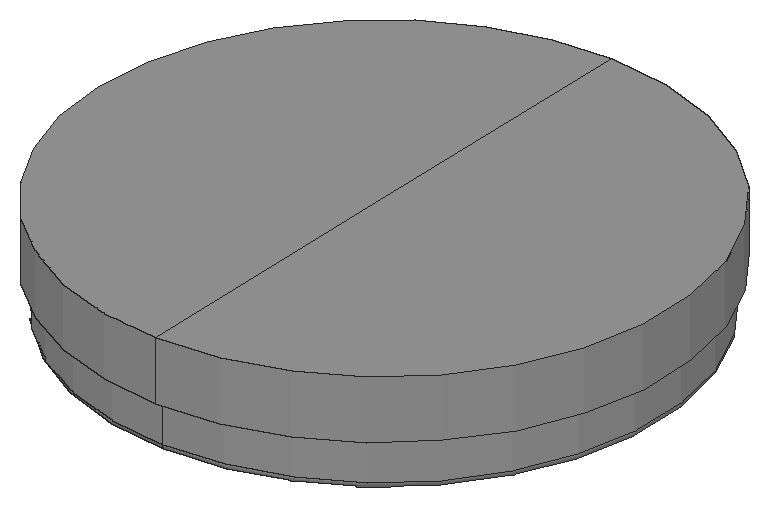
Revit family "IVLB_PML_LF_Dura 340mm CM_Plastic", category Lighting Fixtures, Revit 2019
Family settings
  Round Connector Dimension = Use Diameter
  Part Type = Normal
  OmniClass Number = 23.80.70.11.11
  OmniClass Title = General Luminaries, Non Directional
  Work Plane-Based = No
  Always vertical = Yes
  Cut with Voids When Loaded = No
  Light Source = Yes
  Shared = No
  Room Calculation Point = Yes
Parameters (values of type "Dura-M Ø340 IP64 IK10 8-18W 950-2300lm 3000K-3500K-4000K 3-CCT")
  Wattage Comments = "18W"
  Wattage = 15.4838 W
  built-in parameter 1150110 = 1 (stored number, unit not read)
  Voltage = 230 V
  URL = "https://www.pragmalux.com/"
  Type Comments = ""
  built-in parameter 1114217 = 1 (stored number, unit not read)
  Tilt Angle = 90.00°
  built-in parameter 1150109 = 1 (stored number, unit not read)
  built-in parameter 1150134 = 12
  Symbol_Waterproof [instance] = no
  Symbol_Emergency Lighting [instance] = no
  Switch Code [instance] = ""
  built-in parameter 1150113 = 1 (stored number, unit not read)
  Photometric Web File = "Dura-M Ø340 IP64 IK10 18W 3000K-3500K-4000K 3-CCT DALI.ies"
  built-in parameter 1150142 = "IESNA91\r\n[MANUFAC]  Pragmalux\r\n[LUMINAIRE] LED Plafonnière Wandarmatuur Dura-M Ø340 IP64 IK10 18W 3000K-3500K-4000K 3-CCT DALI\r\n[LAMP] 1x(LED 18W 2200lm 3000K) or 1x(LED 18W 2300lm 3500K) or 1x(LED 18W 2300lm 4000K)\r\n[_CHANGED] file converted from LDT by IES Viewer 3.6 (C) Andrey Legotin\r\nTILT=NONE\r\n1 2200 2.2 181 5 1 2 0 -0.34 0\r\n1 1 18\r\n0 1 2 3 4 5 6 7 8 9 10 11 12 13 14 15 16 17 18 19 20 21 22 23 24 25 26 27 28 \r\n29 30 31 32 33 34 35 36 37 38 39 40 41 42 43 44 45 46 47 48 49 50 51 52 53 54 \r\n55 56 57 58 59 60 61 62 63 64 65 66 67 68 69 70 71 72 73 74 75 76 77 78 79 80 \r\n81 82 83 84 85 86 87 88 89 90 91 92 93 94 95 96 97 98 99 100 101 102 103 104 \r\n105 106 107 108 109 110 111 112 113 114 115 116 117 118 119 120 121 122 123 \r\n124 125 126 127 128 129 130 131 132 133 134 135 136 137 138 139 140 141 142 \r\n143 144 145 146 147 148 149 150 151 152 153 154 155 156 157 158 159 160 161 \r\n162 163 164 165 166 167 168 169 170 171 172 173 174 175 176 177 178 179 180 \r\n0 22.5 45 67.5 90 \r\n295.3 295.4 295.3 295.4 295 294.6 294.2 293.8 293.1 292.5 291.9 290.9 290.1 \r\n289.3 288.2 287 285.8 284.4 283.1 281.6 279.9 278.4 276.5 274.8 272.9 270.8 \r\n268.7 266.6 264.4 261.9 259.5 257.1 254.4 251.8 249 246.2 243.4 240.3 237.3 \r\n234 230.9 227.5 224.2 220.7 217 213.5 209.8 206 202.3 198.3 194.4 190.3 186.3 \r\n182.2 178 173.9 169.7 165.2 160.9 156.3 151.7 147.1 142.5 137.8 133.1 128.3 \r\n123.5 118.6 113.7 108.9 104 99.09 94.31 89.38 84.54 79.78 74.96 70.21 65.64 \r\n60.99 56.65 52.24 47.94 43.84 39.72 35.8 32.33 29.23 26.57 24.14 20.8 17.18 \r\n13.52 9.69 6.07 3.08 1.19 0.46 0.42 0.5 1.38 2.92 5.29 7.96 10.6 13.13 15.25 \r\n16.85 17.87 18.13 18.09 18.13 18.01 17.84 17.63 17.39 17.18 16.97 16.8 16.59 \r\n16.43 16.18 15.96 15.76 15.47 15.26 15.01 14.76 14.47 14.18 13.96 13.72 13.47 \r\n13.18 12.92 12.6 12.3 11.97 11.76 11.47 11.17 10.84 10.51 10.18 9.8 9.51 9.14 \r\n8.8 8.46 8.1 7.59 6.92 6.13 5.47 5.09 4.84 4.71 4.71 4.75 4.71 4.27 3.85 3.42 \r\n3.09 2.84 2.63 2.38 2.09 1.8 1.51 1.3 1.29 1.25 1.25 1.29 1.17 1.09 1.04 1.04 \r\n1.04 1.04 \r\n295.3 295.4 295.3 295.2 295 294.7 294.2 293.7 293.2 292.4 291.8 291 290 289.2 \r\n288 287.1 285.7 284.5 283.1 281.5 280.1 278.4 276.6 274.8 272.9 271 268.9 \r\n266.7 264.4 262.1 259.7 257.2 254.6 251.8 249.1 246.2 243.3 240.4 237.3 234 \r\n230.9 227.6 224.2 220.8 217.2 213.6 210 206.2 202.5 198.5 194.6 190.4 186.3 \r\n182.3 178.1 173.9 169.8 165.5 160.9 156.5 152 147.3 142.7 138 133.3 128.4 \r\n123.6 118.8 114 109.1 104.1 99.29 94.45 89.59 84.83 79.91 75.24 70.49 65.87 \r\n61.37 56.89 52.6 48.27 44.1 39.95 35.98 32.51 29.4 26.59 24.2 21.15 17.65 \r\n13.91 9.8 5.92 2.9 1.05 1.11 1.16 1.22 1.27 1.32 3 5.08 7.32 9.66 11.71 13.19 \r\n13.85 14.01 14.06 14.06 14.06 14.07 14.07 14.07 14.08 14.08 14.08 14.09 14.09 \r\n14.09 14.1 14.1 13.93 13.81 13.68 13.47 13.31 13.09 12.89 12.72 12.55 12.34 \r\n12.1 11.89 11.63 11.35 11.13 10.84 10.59 10.34 10.09 9.8 9.54 9.25 9 8.66 \r\n8.34 7.84 7.16 6.42 5.82 5.49 5.23 5.06 5.1 5.06 5.06 4.7 4.35 4.07 3.81 3.52 \r\n3.27 3.1 2.89 2.68 2.35 2.02 1.88 1.88 1.63 1.22 1.01 1 1 1 1 1 1 \r\n295.3 295.4 295.4 295.2 294.9 294.7 294.3 293.7 293.1 292.5 291.7 291 290 \r\n289.2 288.2 287 285.8 284.6 283.2 281.6 280 278.6 276.7 274.9 272.9 271 269 \r\n266.7 264.5 262.1 259.7 257.3 254.7 251.9 249.3 246.4 243.4 240.5 237.2 234.4 \r\n230.9 227.7 224.4 220.9 217.2 213.8 210 206.2 202.5 198.5 194.7 190.5 186.5 \r\n182.5 178.3 174.2 170 165.6 161.2 156.6 152.1 147.4 142.9 138.1 133.3 128.7 \r\n123.7 119.1 114.1 109.2 104.2 99.53 94.64 89.68 84.85 80 75.35 70.57 65.93 \r\n61.38 56.9 52.6 48.21 44.08 39.87 35.82 32.26 29 26.12 23.53 21.1 17.5 12.56 \r\n7.11 2.92 0.97 0.75 1.99 3.1 3.87 4.59 5.12 5.47 5.89 6.09 6.18 6.18 6.22 \r\n6.35 6.56 6.76 7.06 7.3 7.56 7.73 7.97 8.06 8.19 8.35 8.52 8.59 8.65 8.72 \r\n8.79 8.85 8.94 8.98 8.96 8.93 8.91 8.88 8.86 8.83 8.81 8.78 8.76 8.73 8.61 \r\n8.48 8.36 8.27 8.07 7.9 7.65 7.19 6.69 6.24 6.06 5.89 5.81 5.75 5.69 5.62 \r\n5.56 5.5 5.44 5.1 4.8 4.52 4.18 3.93 3.72 3.51 3.31 3.1 2.93 2.72 2.55 2.46 \r\n2.26 2.01 1.84 1.76 1.46 1.09 0.96 0.96 0.96 0.96 0.96 0.96 \r\n295.3 295.2 295.3 295.3 295 294.6 294.2 293.8 293.1 292.5 291.7 291 290.2 \r\n289.3 288.2 287.1 286 284.5 283.2 281.7 280.1 278.4 276.9 274.8 273 271 269 \r\n266.7 264.5 262.1 259.6 257.2 254.4 252 249.1 246.5 243.4 240.4 237.2 234 \r\n230.9 227.5 224.2 220.8 217.1 213.6 209.8 206.2 202.4 198.5 194.5 190.4 186.4 \r\n182.4 178.1 174 169.7 165.4 160.8 156.5 151.8 147.2 142.6 137.8 133.1 128.2 \r\n123.5 118.7 113.8 108.9 104 99.22 94.3 89.47 84.57 79.7 75 70.21 65.64 60.97 \r\n56.57 52.14 47.89 43.7 39.52 35.49 31.7 28.35 25.42 22.82 20.35 15.44 6.69 \r\n0.88 0.55 2.56 7.37 9.33 9.48 8.91 8.12 7.38 6.75 6.24 5.78 5.41 5.08 4.75 \r\n4.45 4.16 3.95 3.71 3.54 3.45 3.45 3.48 3.52 3.55 3.58 3.62 3.83 3.95 4.07 \r\n4.28 4.45 4.61 4.7 4.78 4.8 4.81 4.83 4.85 4.86 4.88 4.89 4.91 4.93 4.94 5.24 \r\n5.32 5.26 5.19 5.12 5.06 4.99 4.92 4.86 4.79 4.2 3.75 3.66 3.54 3.37 3.36 \r\n3.35 3.34 3.32 3.31 3.3 3.29 3.16 3 2.95 2.83 2.75 2.66 2.5 2.29 2.04 1.88 \r\n1.71 1.5 1.25 1.05 0.96 0.96 0.96 0.96 0.96 0.96 0.96 \r\n295.3 295.3 295.3 295.3 295 294.7 294.3 293.8 293.2 292.4 291.9 291.2 290.2 \r\n289.3 288.1 287.1 285.9 284.5 283.3 281.8 280.2 278.5 276.7 275 273.1 270.9 \r\n269.1 266.7 264.4 262.2 259.7 257.2 254.6 252 249.2 246.4 243.5 240.4 237.3 \r\n234.3 230.9 227.6 224.2 220.7 217.3 213.6 209.8 206.2 202.4 198.4 194.6 190.5 \r\n186.4 182.3 178.2 174.1 169.7 165.3 160.9 156.4 151.8 147.1 142.6 137.9 133 \r\n128.3 123.5 118.6 113.7 108.8 103.8 99.12 94.1 89.24 84.33 79.46 74.78 69.96 \r\n65.23 60.72 56.28 51.92 47.53 43.29 39.16 35.11 31.37 28 25.06 22.51 20.37 \r\n15.14 5.53 0.55 0.46 2.14 9.15 12.35 11.89 11.06 10.21 9.36 8.52 7.75 7.04 \r\n6.4 5.75 5.16 4.55 3.96 3.41 2.91 2.46 2.04 1.59 1.33 1.29 1.21 1.04 0.96 \r\n0.92 0.87 0.83 0.79 0.75 0.79 1.2 1.57 1.79 1.95 1.99 2 2.04 2.08 2.33 2.53 \r\n2.49 2.45 2.41 2.37 2.33 1.88 1.3 1.16 1.16 1.45 1.9 2.48 2.74 2.72 2.7 2.68 \r\n2.66 2.64 2.62 2.54 2.41 2.33 2.21 2.04 1.87 1.79 1.67 1.58 1.5 1.33 1.29 \r\n1.17 1.12 1.12 1.04 1.08 1.04 1 1 0.96 0.96 0.96 0.96 0.96 0.96 \r\n"
  Model = "Dura"
  Manufacturer = "Pragmalux - Distrilight"
  built-in parameter 1150105 = 183.03 (stored number, unit not read)
  Lumens = 2300 lm
  Luminaire_Body_Material = Select RGB value
  built-in parameter 1150115 = 1 (stored number, unit not read)
  Luminaire Code [instance] = ""
  Load Classification = Lighting
  built-in parameter 1150137 = (empty or 0)
  built-in parameter 1150139 = (empty or 0)
  built-in parameter 1150112 = 1 (stored number, unit not read)
  built-in parameter 1150114 = 1 (stored number, unit not read)
  Lamp = "LED"
  built-in parameter 1150132 = 2
  built-in parameter 1150102 = (empty or 0)
  built-in parameter 1150107 = 4000 (stored number, unit not read)
  built-in parameter 1150138 = (empty or 0)
  built-in parameter 1150106 = 1.8303 (stored number, unit not read)
  IfcExportType = "USERDEFINED"
  IfcExportAs = "IfcLightFixtureType"
  IP Value = "IP64"
  IK Value = "IK10"
  Emit from Circle Diameter = 330 mm
  Emit Shape Visible in Rendering = no
  built-in parameter 1150104 = 13.8 (stored number, unit not read)
  Dimming Lamp Color Temperature Shift = <None>
  Description = "Surface Mounted"
  Content Creator = "www.ivlibrary.com"
  Color Filter = 16777215
  built-in parameter 1114218 = 1 (stored number, unit not read)
  built-in parameter 1150133 = 10 (stored number, unit not read)
  Assembly Code = "63.0"
  Apparent Load = 18 VA
Reference planes
  plane 1 "Center (Front/Back)": y = 0
  plane 2: z = 0
  plane 3 "Center (Left/Right)": x = 0
Dimensions and locks
  aligned and locked: level to plane 2
Nested families
  nested 1: "Symbol_ToScale" at (0, 0, 0), Emergency Lighting <- "Symbol_Emergency Lighting", Waterproof <- "Symbol_Waterproof", type "Symbol 350mm"
    with Waterproof no, Wall mounted no, Lighting Fixture yes, Emergency Lighting no
  nested 2: "Dura" at (0, 0, 0) x (0, -1, 0) z (0, 0, 1), Housing_Material <- "Luminaire_Body_Material", type "Dura"
    with Housing_Material Select RGB value
Connectors
  electrical at (0, 0, 0), driven by "Apparent Load", driven by "Load Classification", driven by "Voltage"
    settings: index 1, voltage 230 V, apparent load 0 VA, apparent load phase1 18 VA, apparent load phase2 0 VA, apparent load phase3 0 VA, power factor 1, load classification "Lighting", number of poles 1, system type 31, power factor state 1, is connector primary yes, connector utility no, sub classification motor no, connector description ""
Definition of nested family "Dura"
  Parameters (values of type "Dura")
    URL = ""
    Type Comments = ""
    Model = "VenusG2"
    Manufacturer = "Pragmalux"
    Housing_Material [instance] = none
    Description = "Surface Mounted"
    Default Elevation = 1219.2 mm
    Copyright © IVLighting = "www.ivlibrary.com"
    Assembly Code = "63.0"
  Reference planes
    plane 1 "Center (Front/Back)": y = 0
    plane 2: z = 0
    plane 3 "Center (Left/Right)": x = 0
  Forms (mm)
    Revolve 1, solid, material <- "Housing_Material"
      sketch origin (0, 0, 0) x (1, 0, 0) y (0, 0, 1)
        loop
          line (-170, 0) -> (-170, -35) -> (0, -35) -> (0, 0) -> (-170, 0)
        axis (0, 0) -> (0, -35)
      angle from 0 to 360
    Revolve 2, solid
      sketch origin (0, 0, 0.938) x (1, 0, 0) y (0, 0, 1)
        loop
          line (0, -63.938) -> (0, -35.938) -> (-165, -35.937) -> (-165, -60.18)
          arc (-165, -60.18) -> (-163.9, -62.837) -> (-161.243, -63.937) r 3.757
          line (-161.243, -63.937) -> (0, -63.938)
        axis (0, -35.938) -> (0, -63.938)
      angle from 0 to 360
  Dimensions and locks
    aligned and locked: level to plane 2
Definition of nested family "Symbol_ToScale"
  Parameters (values of type "Symbol 350mm")
    Waterproof [instance] = no
    Wall mounted [instance] = no
    Lighting Fixture [instance] = yes
    Emergency Lighting [instance] = no
  Reference planes
    plane 1: y = 0
    plane 2: x = 0
  Lines and regions (mm)
    Filled region 1, type "Emergency Lighting", visible <- "Waterproof"
      outline origin (5.15, 1.04, 0) x (1, 0, 0) y (0, 1, 0)
        loop
          arc (-6.827, -1.34) -> (-5.15, -2.725) -> (-3.473, -1.34) r 1.708
          line (-3.473, -1.34) -> (-6.827, -1.34)
    Filled region 2, type "Emergency Lighting", visible <- "Emergency Lighting"
      outline origin (-5.15, 1.04, 0) x (0, 1, 0) y (-1, 0, 0)
        loop
          line (-1.04, -5.15) -> (-2.243, -6.352)
          arc (-2.243, -6.352) -> (-1.04, -6.85) -> (0.162, -6.352) r 1.7
          line (0.162, -6.352) -> (-1.04, -5.15)
    Filled region 3, type "Emergency Lighting", visible <- "Emergency Lighting"
      outline origin (5.15, 1.04, 0) x (1, 0, 0) y (0, 1, 0)
        loop
          line (-5.15, -1.04) -> (-6.352, 0.162)
          arc (-6.352, 0.162) -> (-6.85, -1.04) -> (-6.352, -2.243) r 1.7
          line (-6.352, -2.243) -> (-5.15, -1.04)
    detail lines, visible <- "Lighting Fixture"
      curve 1: circle (0, 0, 0) r 1.7 normal (0, 0, 1)
    detail lines, visible <- "Waterproof"
      curve 2: circle (0, 0, 0) r 1.7 normal (0, 0, 1)
    detail lines, visible <- "Emergency Lighting"
      curve 3: circle (0, 0, 0) r 1.7 normal (0, 0, 1)
Types (4, lengths in mm): name | Wattage | Type Comments | built-in parameter 1150134 | Photometric Web File | built-in parameter 1150142 | built-in parameter 1150105 | Lumens | built-in parameter 1150107 | built-in parameter 1150106
  Dura-M Ø340 IP64 IK10 8-18W 750-2075lm 2200K-2700K 2-CCT | 13.9691 W | "" | (empty or 0) | "Dura-M Ø340 IP64 IK10 8-18W 750-2075lm 2200K-2700K 2-CCT.ies" | "IESNA91\r\n[MANUFAC]  Pragmalux\r\n[LUMINAIRE] LED Plafonnière Wandarmatuur Dura-M Ø340 IP64 IK10 8-18W 750-2075lm 2200K-2700K 2-CCT\r\n[LAMP] 1x(LED 18W 1750lm 2200K) or 1x(LED 18W 2075lm 2700K) or 1x(LED 15W 1425lm 2200K) or 1x(LED 15W 1700lm 2700K) or 1x(LED 11W 1100lm 2200K) or 1x(LED 11W 1300lm 2700K) or 1x(LED 8W 750lm 2200K) or 1x(LED 8W 900lm 2700K)\r\n[_CHANGED] file converted from LDT by IES Viewer 3.6 (C) Andrey Legotin\r\nTILT=NONE\r\n1 1750 1.75 181 5 1 2 0 -0.34 0\r\n1 1 18\r\n0 1 2 3 4 5 6 7 8 9 10 11 12 13 14 15 16 17 18 19 20 21 22 23 24 25 26 27 28 \r\n29 30 31 32 33 34 35 36 37 38 39 40 41 42 43 44 45 46 47 48 49 50 51 52 53 54 \r\n55 56 57 58 59 60 61 62 63 64 65 66 67 68 69 70 71 72 73 74 75 76 77 78 79 80 \r\n81 82 83 84 85 86 87 88 89 90 91 92 93 94 95 96 97 98 99 100 101 102 103 104 \r\n105 106 107 108 109 110 111 112 113 114 115 116 117 118 119 120 121 122 123 \r\n124 125 126 127 128 129 130 131 132 133 134 135 136 137 138 139 140 141 142 \r\n143 144 145 146 147 148 149 150 151 152 153 154 155 156 157 158 159 160 161 \r\n162 163 164 165 166 167 168 169 170 171 172 173 174 175 176 177 178 179 180 \r\n0 22.5 45 67.5 90 \r\n295.3 295.4 295.3 295.4 295 294.6 294.2 293.8 293.1 292.5 291.9 290.9 290.1 \r\n289.3 288.2 287 285.8 284.4 283.1 281.6 279.9 278.4 276.5 274.8 272.9 270.8 \r\n268.7 266.6 264.4 261.9 259.5 257.1 254.4 251.8 249 246.2 243.4 240.3 237.3 \r\n234 230.9 227.5 224.2 220.7 217 213.5 209.8 206 202.3 198.3 194.4 190.3 186.3 \r\n182.2 178 173.9 169.7 165.2 160.9 156.3 151.7 147.1 142.5 137.8 133.1 128.3 \r\n123.5 118.6 113.7 108.9 104 99.09 94.31 89.38 84.54 79.78 74.96 70.21 65.64 \r\n60.99 56.65 52.24 47.94 43.84 39.72 35.8 32.33 29.23 26.57 24.14 20.8 17.18 \r\n13.52 9.69 6.07 3.08 1.19 0.46 0.42 0.5 1.38 2.92 5.29 7.96 10.6 13.13 15.25 \r\n16.85 17.87 18.13 18.09 18.13 18.01 17.84 17.63 17.39 17.18 16.97 16.8 16.59 \r\n16.43 16.18 15.96 15.76 15.47 15.26 15.01 14.76 14.47 14.18 13.96 13.72 13.47 \r\n13.18 12.92 12.6 12.3 11.97 11.76 11.47 11.17 10.84 10.51 10.18 9.8 9.51 9.14 \r\n8.8 8.46 8.1 7.59 6.92 6.13 5.47 5.09 4.84 4.71 4.71 4.75 4.71 4.27 3.85 3.42 \r\n3.09 2.84 2.63 2.38 2.09 1.8 1.51 1.3 1.29 1.25 1.25 1.29 1.17 1.09 1.04 1.04 \r\n1.04 1.04 \r\n295.3 295.4 295.3 295.2 295 294.7 294.2 293.7 293.2 292.4 291.8 291 290 289.2 \r\n288 287.1 285.7 284.5 283.1 281.5 280.1 278.4 276.6 274.8 272.9 271 268.9 \r\n266.7 264.4 262.1 259.7 257.2 254.6 251.8 249.1 246.2 243.3 240.4 237.3 234 \r\n230.9 227.6 224.2 220.8 217.2 213.6 210 206.2 202.5 198.5 194.6 190.4 186.3 \r\n182.3 178.1 173.9 169.8 165.5 160.9 156.5 152 147.3 142.7 138 133.3 128.4 \r\n123.6 118.8 114 109.1 104.1 99.29 94.45 89.59 84.83 79.91 75.24 70.49 65.87 \r\n61.37 56.89 52.6 48.27 44.1 39.95 35.98 32.51 29.4 26.59 24.2 21.15 17.65 \r\n13.91 9.8 5.92 2.9 1.05 1.11 1.16 1.22 1.27 1.32 3 5.08 7.32 9.66 11.71 13.19 \r\n13.85 14.01 14.06 14.06 14.06 14.07 14.07 14.07 14.08 14.08 14.08 14.09 14.09 \r\n14.09 14.1 14.1 13.93 13.81 13.68 13.47 13.31 13.09 12.89 12.72 12.55 12.34 \r\n12.1 11.89 11.63 11.35 11.13 10.84 10.59 10.34 10.09 9.8 9.54 9.25 9 8.66 \r\n8.34 7.84 7.16 6.42 5.82 5.49 5.23 5.06 5.1 5.06 5.06 4.7 4.35 4.07 3.81 3.52 \r\n3.27 3.1 2.89 2.68 2.35 2.02 1.88 1.88 1.63 1.22 1.01 1 1 1 1 1 1 \r\n295.3 295.4 295.4 295.2 294.9 294.7 294.3 293.7 293.1 292.5 291.7 291 290 \r\n289.2 288.2 287 285.8 284.6 283.2 281.6 280 278.6 276.7 274.9 272.9 271 269 \r\n266.7 264.5 262.1 259.7 257.3 254.7 251.9 249.3 246.4 243.4 240.5 237.2 234.4 \r\n230.9 227.7 224.4 220.9 217.2 213.8 210 206.2 202.5 198.5 194.7 190.5 186.5 \r\n182.5 178.3 174.2 170 165.6 161.2 156.6 152.1 147.4 142.9 138.1 133.3 128.7 \r\n123.7 119.1 114.1 109.2 104.2 99.53 94.64 89.68 84.85 80 75.35 70.57 65.93 \r\n61.38 56.9 52.6 48.21 44.08 39.87 35.82 32.26 29 26.12 23.53 21.1 17.5 12.56 \r\n7.11 2.92 0.97 0.75 1.99 3.1 3.87 4.59 5.12 5.47 5.89 6.09 6.18 6.18 6.22 \r\n6.35 6.56 6.76 7.06 7.3 7.56 7.73 7.97 8.06 8.19 8.35 8.52 8.59 8.65 8.72 \r\n8.79 8.85 8.94 8.98 8.96 8.93 8.91 8.88 8.86 8.83 8.81 8.78 8.76 8.73 8.61 \r\n8.48 8.36 8.27 8.07 7.9 7.65 7.19 6.69 6.24 6.06 5.89 5.81 5.75 5.69 5.62 \r\n5.56 5.5 5.44 5.1 4.8 4.52 4.18 3.93 3.72 3.51 3.31 3.1 2.93 2.72 2.55 2.46 \r\n2.26 2.01 1.84 1.76 1.46 1.09 0.96 0.96 0.96 0.96 0.96 0.96 \r\n295.3 295.2 295.3 295.3 295 294.6 294.2 293.8 293.1 292.5 291.7 291 290.2 \r\n289.3 288.2 287.1 286 284.5 283.2 281.7 280.1 278.4 276.9 274.8 273 271 269 \r\n266.7 264.5 262.1 259.6 257.2 254.4 252 249.1 246.5 243.4 240.4 237.2 234 \r\n230.9 227.5 224.2 220.8 217.1 213.6 209.8 206.2 202.4 198.5 194.5 190.4 186.4 \r\n182.4 178.1 174 169.7 165.4 160.8 156.5 151.8 147.2 142.6 137.8 133.1 128.2 \r\n123.5 118.7 113.8 108.9 104 99.22 94.3 89.47 84.57 79.7 75 70.21 65.64 60.97 \r\n56.57 52.14 47.89 43.7 39.52 35.49 31.7 28.35 25.42 22.82 20.35 15.44 6.69 \r\n0.88 0.55 2.56 7.37 9.33 9.48 8.91 8.12 7.38 6.75 6.24 5.78 5.41 5.08 4.75 \r\n4.45 4.16 3.95 3.71 3.54 3.45 3.45 3.48 3.52 3.55 3.58 3.62 3.83 3.95 4.07 \r\n4.28 4.45 4.61 4.7 4.78 4.8 4.81 4.83 4.85 4.86 4.88 4.89 4.91 4.93 4.94 5.24 \r\n5.32 5.26 5.19 5.12 5.06 4.99 4.92 4.86 4.79 4.2 3.75 3.66 3.54 3.37 3.36 \r\n3.35 3.34 3.32 3.31 3.3 3.29 3.16 3 2.95 2.83 2.75 2.66 2.5 2.29 2.04 1.88 \r\n1.71 1.5 1.25 1.05 0.96 0.96 0.96 0.96 0.96 0.96 0.96 \r\n295.3 295.3 295.3 295.3 295 294.7 294.3 293.8 293.2 292.4 291.9 291.2 290.2 \r\n289.3 288.1 287.1 285.9 284.5 283.3 281.8 280.2 278.5 276.7 275 273.1 270.9 \r\n269.1 266.7 264.4 262.2 259.7 257.2 254.6 252 249.2 246.4 243.5 240.4 237.3 \r\n234.3 230.9 227.6 224.2 220.7 217.3 213.6 209.8 206.2 202.4 198.4 194.6 190.5 \r\n186.4 182.3 178.2 174.1 169.7 165.3 160.9 156.4 151.8 147.1 142.6 137.9 133 \r\n128.3 123.5 118.6 113.7 108.8 103.8 99.12 94.1 89.24 84.33 79.46 74.78 69.96 \r\n65.23 60.72 56.28 51.92 47.53 43.29 39.16 35.11 31.37 28 25.06 22.51 20.37 \r\n15.14 5.53 0.55 0.46 2.14 9.15 12.35 11.89 11.06 10.21 9.36 8.52 7.75 7.04 \r\n6.4 5.75 5.16 4.55 3.96 3.41 2.91 2.46 2.04 1.59 1.33 1.29 1.21 1.04 0.96 \r\n0.92 0.87 0.83 0.79 0.75 0.79 1.2 1.57 1.79 1.95 1.99 2 2.04 2.08 2.33 2.53 \r\n2.49 2.45 2.41 2.37 2.33 1.88 1.3 1.16 1.16 1.45 1.9 2.48 2.74 2.72 2.7 2.68 \r\n2.66 2.64 2.62 2.54 2.41 2.33 2.21 2.04 1.87 1.79 1.67 1.58 1.5 1.33 1.29 \r\n1.17 1.12 1.12 1.04 1.08 1.04 1 1 0.96 0.96 0.96 0.96 0.96 0.96 \r\n" | 165.12 (stored number, unit not read) | 2075 lm | 2700 (stored number, unit not read) | 1.6512 (stored number, unit not read)
  Dura-M Ø340 IP64 IK10 8-18W 950-2300lm 3000K-3500K-4000K 3-CCT | 15.4838 W | "" | 12 | "Dura-M Ø340 IP64 IK10 18W 3000K-3500K-4000K 3-CCT DALI.ies" | "IESNA91\r\n[MANUFAC]  Pragmalux\r\n[LUMINAIRE] LED Plafonnière Wandarmatuur Dura-M Ø340 IP64 IK10 18W 3000K-3500K-4000K 3-CCT DALI\r\n[LAMP] 1x(LED 18W 2200lm 3000K) or 1x(LED 18W 2300lm 3500K) or 1x(LED 18W 2300lm 4000K)\r\n[_CHANGED] file converted from LDT by IES Viewer 3.6 (C) Andrey Legotin\r\nTILT=NONE\r\n1 2200 2.2 181 5 1 2 0 -0.34 0\r\n1 1 18\r\n0 1 2 3 4 5 6 7 8 9 10 11 12 13 14 15 16 17 18 19 20 21 22 23 24 25 26 27 28 \r\n29 30 31 32 33 34 35 36 37 38 39 40 41 42 43 44 45 46 47 48 49 50 51 52 53 54 \r\n55 56 57 58 59 60 61 62 63 64 65 66 67 68 69 70 71 72 73 74 75 76 77 78 79 80 \r\n81 82 83 84 85 86 87 88 89 90 91 92 93 94 95 96 97 98 99 100 101 102 103 104 \r\n105 106 107 108 109 110 111 112 113 114 115 116 117 118 119 120 121 122 123 \r\n124 125 126 127 128 129 130 131 132 133 134 135 136 137 138 139 140 141 142 \r\n143 144 145 146 147 148 149 150 151 152 153 154 155 156 157 158 159 160 161 \r\n162 163 164 165 166 167 168 169 170 171 172 173 174 175 176 177 178 179 180 \r\n0 22.5 45 67.5 90 \r\n295.3 295.4 295.3 295.4 295 294.6 294.2 293.8 293.1 292.5 291.9 290.9 290.1 \r\n289.3 288.2 287 285.8 284.4 283.1 281.6 279.9 278.4 276.5 274.8 272.9 270.8 \r\n268.7 266.6 264.4 261.9 259.5 257.1 254.4 251.8 249 246.2 243.4 240.3 237.3 \r\n234 230.9 227.5 224.2 220.7 217 213.5 209.8 206 202.3 198.3 194.4 190.3 186.3 \r\n182.2 178 173.9 169.7 165.2 160.9 156.3 151.7 147.1 142.5 137.8 133.1 128.3 \r\n123.5 118.6 113.7 108.9 104 99.09 94.31 89.38 84.54 79.78 74.96 70.21 65.64 \r\n60.99 56.65 52.24 47.94 43.84 39.72 35.8 32.33 29.23 26.57 24.14 20.8 17.18 \r\n13.52 9.69 6.07 3.08 1.19 0.46 0.42 0.5 1.38 2.92 5.29 7.96 10.6 13.13 15.25 \r\n16.85 17.87 18.13 18.09 18.13 18.01 17.84 17.63 17.39 17.18 16.97 16.8 16.59 \r\n16.43 16.18 15.96 15.76 15.47 15.26 15.01 14.76 14.47 14.18 13.96 13.72 13.47 \r\n13.18 12.92 12.6 12.3 11.97 11.76 11.47 11.17 10.84 10.51 10.18 9.8 9.51 9.14 \r\n8.8 8.46 8.1 7.59 6.92 6.13 5.47 5.09 4.84 4.71 4.71 4.75 4.71 4.27 3.85 3.42 \r\n3.09 2.84 2.63 2.38 2.09 1.8 1.51 1.3 1.29 1.25 1.25 1.29 1.17 1.09 1.04 1.04 \r\n1.04 1.04 \r\n295.3 295.4 295.3 295.2 295 294.7 294.2 293.7 293.2 292.4 291.8 291 290 289.2 \r\n288 287.1 285.7 284.5 283.1 281.5 280.1 278.4 276.6 274.8 272.9 271 268.9 \r\n266.7 264.4 262.1 259.7 257.2 254.6 251.8 249.1 246.2 243.3 240.4 237.3 234 \r\n230.9 227.6 224.2 220.8 217.2 213.6 210 206.2 202.5 198.5 194.6 190.4 186.3 \r\n182.3 178.1 173.9 169.8 165.5 160.9 156.5 152 147.3 142.7 138 133.3 128.4 \r\n123.6 118.8 114 109.1 104.1 99.29 94.45 89.59 84.83 79.91 75.24 70.49 65.87 \r\n61.37 56.89 52.6 48.27 44.1 39.95 35.98 32.51 29.4 26.59 24.2 21.15 17.65 \r\n13.91 9.8 5.92 2.9 1.05 1.11 1.16 1.22 1.27 1.32 3 5.08 7.32 9.66 11.71 13.19 \r\n13.85 14.01 14.06 14.06 14.06 14.07 14.07 14.07 14.08 14.08 14.08 14.09 14.09 \r\n14.09 14.1 14.1 13.93 13.81 13.68 13.47 13.31 13.09 12.89 12.72 12.55 12.34 \r\n12.1 11.89 11.63 11.35 11.13 10.84 10.59 10.34 10.09 9.8 9.54 9.25 9 8.66 \r\n8.34 7.84 7.16 6.42 5.82 5.49 5.23 5.06 5.1 5.06 5.06 4.7 4.35 4.07 3.81 3.52 \r\n3.27 3.1 2.89 2.68 2.35 2.02 1.88 1.88 1.63 1.22 1.01 1 1 1 1 1 1 \r\n295.3 295.4 295.4 295.2 294.9 294.7 294.3 293.7 293.1 292.5 291.7 291 290 \r\n289.2 288.2 287 285.8 284.6 283.2 281.6 280 278.6 276.7 274.9 272.9 271 269 \r\n266.7 264.5 262.1 259.7 257.3 254.7 251.9 249.3 246.4 243.4 240.5 237.2 234.4 \r\n230.9 227.7 224.4 220.9 217.2 213.8 210 206.2 202.5 198.5 194.7 190.5 186.5 \r\n182.5 178.3 174.2 170 165.6 161.2 156.6 152.1 147.4 142.9 138.1 133.3 128.7 \r\n123.7 119.1 114.1 109.2 104.2 99.53 94.64 89.68 84.85 80 75.35 70.57 65.93 \r\n61.38 56.9 52.6 48.21 44.08 39.87 35.82 32.26 29 26.12 23.53 21.1 17.5 12.56 \r\n7.11 2.92 0.97 0.75 1.99 3.1 3.87 4.59 5.12 5.47 5.89 6.09 6.18 6.18 6.22 \r\n6.35 6.56 6.76 7.06 7.3 7.56 7.73 7.97 8.06 8.19 8.35 8.52 8.59 8.65 8.72 \r\n8.79 8.85 8.94 8.98 8.96 8.93 8.91 8.88 8.86 8.83 8.81 8.78 8.76 8.73 8.61 \r\n8.48 8.36 8.27 8.07 7.9 7.65 7.19 6.69 6.24 6.06 5.89 5.81 5.75 5.69 5.62 \r\n5.56 5.5 5.44 5.1 4.8 4.52 4.18 3.93 3.72 3.51 3.31 3.1 2.93 2.72 2.55 2.46 \r\n2.26 2.01 1.84 1.76 1.46 1.09 0.96 0.96 0.96 0.96 0.96 0.96 \r\n295.3 295.2 295.3 295.3 295 294.6 294.2 293.8 293.1 292.5 291.7 291 290.2 \r\n289.3 288.2 287.1 286 284.5 283.2 281.7 280.1 278.4 276.9 274.8 273 271 269 \r\n266.7 264.5 262.1 259.6 257.2 254.4 252 249.1 246.5 243.4 240.4 237.2 234 \r\n230.9 227.5 224.2 220.8 217.1 213.6 209.8 206.2 202.4 198.5 194.5 190.4 186.4 \r\n182.4 178.1 174 169.7 165.4 160.8 156.5 151.8 147.2 142.6 137.8 133.1 128.2 \r\n123.5 118.7 113.8 108.9 104 99.22 94.3 89.47 84.57 79.7 75 70.21 65.64 60.97 \r\n56.57 52.14 47.89 43.7 39.52 35.49 31.7 28.35 25.42 22.82 20.35 15.44 6.69 \r\n0.88 0.55 2.56 7.37 9.33 9.48 8.91 8.12 7.38 6.75 6.24 5.78 5.41 5.08 4.75 \r\n4.45 4.16 3.95 3.71 3.54 3.45 3.45 3.48 3.52 3.55 3.58 3.62 3.83 3.95 4.07 \r\n4.28 4.45 4.61 4.7 4.78 4.8 4.81 4.83 4.85 4.86 4.88 4.89 4.91 4.93 4.94 5.24 \r\n5.32 5.26 5.19 5.12 5.06 4.99 4.92 4.86 4.79 4.2 3.75 3.66 3.54 3.37 3.36 \r\n3.35 3.34 3.32 3.31 3.3 3.29 3.16 3 2.95 2.83 2.75 2.66 2.5 2.29 2.04 1.88 \r\n1.71 1.5 1.25 1.05 0.96 0.96 0.96 0.96 0.96 0.96 0.96 \r\n295.3 295.3 295.3 295.3 295 294.7 294.3 293.8 293.2 292.4 291.9 291.2 290.2 \r\n289.3 288.1 287.1 285.9 284.5 283.3 281.8 280.2 278.5 276.7 275 273.1 270.9 \r\n269.1 266.7 264.4 262.2 259.7 257.2 254.6 252 249.2 246.4 243.5 240.4 237.3 \r\n234.3 230.9 227.6 224.2 220.7 217.3 213.6 209.8 206.2 202.4 198.4 194.6 190.5 \r\n186.4 182.3 178.2 174.1 169.7 165.3 160.9 156.4 151.8 147.1 142.6 137.9 133 \r\n128.3 123.5 118.6 113.7 108.8 103.8 99.12 94.1 89.24 84.33 79.46 74.78 69.96 \r\n65.23 60.72 56.28 51.92 47.53 43.29 39.16 35.11 31.37 28 25.06 22.51 20.37 \r\n15.14 5.53 0.55 0.46 2.14 9.15 12.35 11.89 11.06 10.21 9.36 8.52 7.75 7.04 \r\n6.4 5.75 5.16 4.55 3.96 3.41 2.91 2.46 2.04 1.59 1.33 1.29 1.21 1.04 0.96 \r\n0.92 0.87 0.83 0.79 0.75 0.79 1.2 1.57 1.79 1.95 1.99 2 2.04 2.08 2.33 2.53 \r\n2.49 2.45 2.41 2.37 2.33 1.88 1.3 1.16 1.16 1.45 1.9 2.48 2.74 2.72 2.7 2.68 \r\n2.66 2.64 2.62 2.54 2.41 2.33 2.21 2.04 1.87 1.79 1.67 1.58 1.5 1.33 1.29 \r\n1.17 1.12 1.12 1.04 1.08 1.04 1 1 0.96 0.96 0.96 0.96 0.96 0.96 \r\n" | 183.03 (stored number, unit not read) | 2300 lm | 4000 (stored number, unit not read) | 1.8303 (stored number, unit not read)
